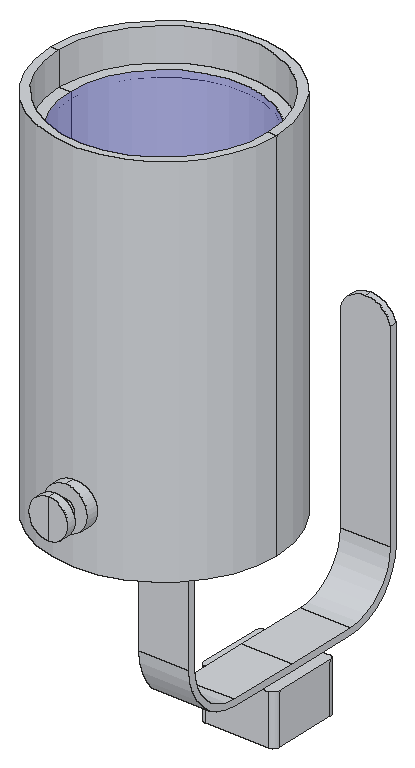
Revit family "Alcon-13340_SM_Revit FAMILY_", category Generic Models, host Face, Revit 2025
Family settings
  Host = Face
  Can host rebar = No
  Round Connector Dimension = Use Diameter
  Part Type = Normal
  Cut with Voids When Loaded = No
  Maintain Annotation Orientation = No
  Shared = No
  Room Calculation Point = No
Parameters
  URL = "https://www.alconlighting.com/?srsltid=AfmBOooDPhGQ0dEP-X2PMtxFfvvWpIAEL4jCll_O2F4_to5onvhnBomy"
  Product Page URL = "https://www.alconlighting.com/13340-sm.html"
  Model = "13340"
  Manufacturer = "ALCON Lighter"
  Fixture Rotation = 90.00°
  Default Elevation = 4' - 0"
Reference planes (in)
  plane 1 "Center (Front/Back)": y = 0
  plane 2: z = 0
  plane 3 "Center (Left/Right)": x = 0
  plane 4: z = 2.96166
Forms (in)
  Extrusion 1, solid
    sketch origin (0.03835, 0, 2.21166) x (0, -1, 0) y (0, 0, -1)
      loop
        line (0, 1.64916) -> (0.72361, 1.64916)
        arc (0.72361, 1.64916) -> (1.07716, 1.50272) -> (1.22361, 1.14916) r 0.5
        line (1.22361, 1.14916) -> (1.22361, -1.04381) -> (1.28611, -1.04381) -> (1.28611, 1.14824)
        arc (1.28611, 1.14824) -> (1.12109, 1.54664) -> (0.72269, 1.71166) r 0.56342
        line (0.72269, 1.71166) -> (0, 1.71166) -> (-0.72219, 1.71166)
        arc (-0.72219, 1.71166) -> (-1.12059, 1.54664) -> (-1.28561, 1.14824) r 0.56342
        line (-1.28561, 1.14824) -> (-1.28561, -1.04381) -> (-1.22311, -1.04381) -> (-1.22311, 1.14916)
        arc (-1.22311, 1.14916) -> (-1.07666, 1.50272) -> (-0.72311, 1.64916) r 0.5
        line (-0.72311, 1.64916) -> (0, 1.64916)
    from -0.28835 to 0.21165
  Extrusion 2, solid
    sketch origin (0, 0, 0.5) x (0, 1, 0) y (1, 0, 0)
      loop
        arc (-0.375, -0.3125) -> (-0.35669, -0.35669) -> (-0.3125, -0.375) r 0.0625
        line (-0.3125, -0.375) -> (0.3125, -0.375)
        arc (0.3125, -0.375) -> (0.35669, -0.35669) -> (0.375, -0.3125) r 0.0625
        line (0.375, -0.3125) -> (0.375, 0.3125)
        arc (0.375, 0.3125) -> (0.35669, 0.35669) -> (0.3125, 0.375) r 0.0625
        line (0.3125, 0.375) -> (-0.3125, 0.375)
        arc (-0.3125, 0.375) -> (-0.35669, 0.35669) -> (-0.375, 0.3125) r 0.0625
        line (-0.375, 0.3125) -> (-0.375, -0.3125)
    from 0 to 0.5
  Extrusion 3, void
    sketch origin (0, 0, 0) x (1, 0, 0) y (0, 0, 1)
      loop
        line (-0.32875, 3.3125) -> (-0.32875, 0.32939) -> (-0.26003, 0.32939) -> (-0.26003, 2.96166)
        arc (-0.26003, 2.96166) -> (-0.18387, 3.14553) -> (0, 3.22169) r 0.26003
        arc (0, 3.22169) -> (0.18387, 3.14553) -> (0.26003, 2.96166) r 0.26003
        line (0.26003, 2.96166) -> (0.26003, 0.32939) -> (0.35969, 0.32939) -> (0.35969, 3.3125) -> (-0.32875, 3.3125)
    from -6.21513 to 12
Cuts and joins
  Extrusion 3 cuts Extrusion 1
Dimensions and locks (in)
  "Fixture Rotation": angle nested 1 to plane 4
  aligned and locked: plane 2 to host face
  aligned and locked: level to host face
Automatic sketch dimensions
  host sketch curve to host sketch curve = 8' - 0"  (x2)
  Extrusion 1 sketch curve to plane 1 "Center (Front/Back)" = 0' - 0"  (x2)
  Extrusion 1 sketch curve to plane 1 "Center (Front/Back)" = 0' - 0.72219"
  Extrusion 1 sketch curve to Extrusion 1 sketch curve = 0' - 0.00092"  (x3)
  Extrusion 1 sketch curve to Extrusion 1 sketch curve = 0' - 0 1/2"
  Extrusion 1 sketch curve to Extrusion 1 sketch curve = 0' - 0 1/16"  (x2)
  plane 1 "Center (Front/Back)" to Extrusion 1 sketch curve = 0' - 0.72269"
  Extrusion 1 sketch curve to plane 4 = 0' - 0.29381"  (x2)
  plane 1 "Center (Front/Back)" to Extrusion 1 sketch curve = 0' - 1.22361"
  level to Extrusion 1 sketch curve = 0' - 1.06342"
  plane 1 "Center (Front/Back)" to Extrusion 2 sketch curve = 0' - 0 3/8"
  Extrusion 2 sketch curve to Extrusion 2 sketch curve = 0' - 0 1/16"  (x3)
  Extrusion 2 sketch curve to plane 1 "Center (Front/Back)" = 0' - 0 5/16"  (x2)
  plane 3 "Center (Left/Right)" to Extrusion 2 sketch curve = 0' - 0 3/8"
  Extrusion 2 sketch curve to plane 3 "Center (Left/Right)" = 0' - 0 5/16"
  Extrusion 3 sketch curve to Extrusion 3 sketch curve = 0' - 0"  (x2)
  Extrusion 3 sketch curve to plane 4 = 0' - 0"
  Extrusion 3 sketch curve to plane 3 "Center (Left/Right)" = 0' - 0"
  Extrusion 3 sketch curve to plane 3 "Center (Left/Right)" = 0' - 0.26003"
  Extrusion 3 sketch curve to plane 3 "Center (Left/Right)" = 0' - 0.32875"
  plane 3 "Center (Left/Right)" to Extrusion 3 sketch curve = 0' - 0.35969"
  level to Extrusion 3 sketch curve = 0' - 0.32939"  (x2)
  Extrusion 3 sketch curve to Extrusion 3 sketch curve = 0' - 0.09081"
Nested families (in)
  nested 1: "Alcon-13340_CYLINDER_" at (0, -1.28611, 2.96166) x (0, 0, -1) z (0, -1, 0), type "Alcon-13340_CYLINDER_"
    with built-in parameter 1001306 0.24681 (stored number, unit not read)
Definition of nested family "Alcon-13340_CYLINDER_"
  Parameters (values of type "Alcon-13340_CYLINDER_")
    Wattage = 9.2903 W
    built-in parameter 1150110 = 1 (stored number, unit not read)
    built-in parameter 1114217 = 1 (stored number, unit not read)
    Tilt Angle = 60.00°
    built-in parameter 1150109 = 1 (stored number, unit not read)
    built-in parameter 1150134 = 3
    built-in parameter 1150113 = 1 (stored number, unit not read)
    built-in parameter 1010507 = 1.5708 (stored number, unit not read)
    built-in parameter 1010506 = 0.5236 (stored number, unit not read)
    built-in parameter 1150105 = 4614.1 (stored number, unit not read)
    Lumens = 1380 lm
    built-in parameter 1150115 = 1 (stored number, unit not read)
    Light Source Symbol Length = 10' - 0"
    built-in parameter 1150137 = (empty or 0)
    built-in parameter 1150139 = (empty or 0)
    built-in parameter 1001306 [instance] = 4' - 0"
    built-in parameter 1150112 = 1 (stored number, unit not read)
    built-in parameter 1150114 = 1 (stored number, unit not read)
    built-in parameter 1150132 = (empty or 0)
    built-in parameter 1150102 = (empty or 0)
    built-in parameter 1150107 = 3200 (stored number, unit not read)
    built-in parameter 1150138 = (empty or 0)
    built-in parameter 1150106 = 46.141 (stored number, unit not read)
    Glass Lens = none
    built-in parameter 1150104 = 13.8 (stored number, unit not read)
    Dimming Lamp Color Temperature Shift = (empty or 0)
    Default Elevation = 0' - 0"
    Color Filter = 16777215
    built-in parameter 1114218 = 1 (stored number, unit not read)
    built-in parameter 1150133 = 10 (stored number, unit not read)
  Reference planes (in)
    plane 1 "Center (Front/Back)": y = 0
    plane 2: z = 0
    plane 3 "Left": x = 0
    plane 4 "Right": x = 48
  Forms (in)
    Revolve 1, solid
      sketch origin (0.56598, 0, 0) x (0, 1, 0) y (-1, 0, 0)
        loop
          line (1.125, 0) -> (1.125, 3.75) -> (1.045, 3.75) -> (1.045, 3.41797) -> (0.93246, 3.41797) -> (0.93246, 0.19913) -> (0, 0.19913) -> (0, 0) -> (1.125, 0)
        axis (0, 0) -> (0, 3.75)
      angle from 0 to 360
    Extrusion 2, solid, material <- "Glass Lens"
      sketch origin (-2.84148, 1.17, 0) x (0, -1, 0) y (0, 0, -1)
        loop
          circle (1.17, 0) r 0.93246
      from -0.01051 to 0.05307
    Extrusion 3, solid
      sketch origin (0, 0, 0) x (1, 0, 0) y (0, 1, 0)
        loop
          circle (0, 0) r 0.21706
      from -1.22415 to 1.22361
    Revolve 4, solid
      sketch origin (0, 0, 0) x (1, 0, 0) y (0, 0, 1)
        loop
          line (-0.08431, 1.22361) -> (0, 1.22361) -> (0, 1.43841) -> (-0.194, 1.43841) -> (-0.194, 1.35666) -> (-0.08431, 1.35666) -> (-0.08431, 1.22361)
        axis (0, 1.43841) -> (0, 1.22361)
      angle from 0 to 360
    Revolve 5, solid
      sketch origin (0, 0, 0) x (1, 0, 0) y (0, 0, 1)
        loop
          line (-0.08431, -1.22361) -> (-0.08431, -1.34434) -> (-0.16093, -1.34434) -> (-0.16093, -1.41379) -> (0, -1.41379) -> (0, -1.22361) -> (-0.08431, -1.22361)
        axis (0, -1.41379) -> (0, -1.22361)
      angle from 0 to 360
  Lines and regions (in)
    reference lines
      curve 1: line (0, 0, 0) -> (48, 0, 0)
    model lines
      curve 2: line (0, 0, 0) -> (-6.37585, 0, 0)
  Dimensions and locks (in)
    "built-in parameter 1001306": plane 3 "Left" to plane 4 "Right"
    aligned and locked: plane 4 "Right" to curve 1
    aligned and locked: plane 1 "Center (Front/Back)" to curve 1
    aligned and locked: plane 3 "Left" to curve 1
    aligned and locked: level to plane 2
  Automatic sketch dimensions
    curve 2 to level = 0' - 0"
    curve 2 to plane 3 "Left" = 0' - 0"
    curve 2 to plane 3 "Left" = 0' - 6.37585"
    plane 1 "Center (Front/Back)" to Extrusion 3 sketch curve = 0' - 0"
    Extrusion 3 sketch curve to plane 3 "Left" = 0' - 0"
    Revolve 5 sketch curve to plane 3 "Left" = 0' - 0"  (x2)
    Revolve 5 sketch curve to plane 3 "Left" = 0' - 0.08431"
    Revolve 5 sketch curve to Revolve 5 sketch curve = 0' - 0.07662"
    Revolve 5 sketch curve to level = 0' - 1.41379"
    Revolve 5 sketch curve to Revolve 5 sketch curve = 0' - 0.06945"
    Revolve 5 sketch curve to Revolve 5 sketch curve = 0' - 0.12073"
    Revolve 5 sketch curve to Revolve 5 sketch curve = 0' - 0.05713"
    Revolve 5 sketch curve to Revolve 5 sketch curve = 0' - 0"
    Revolve 4 sketch curve to plane 3 "Left" = 0' - 0"  (x2)
    Revolve 4 sketch curve to Revolve 4 sketch curve = 0' - 0.08431"
    Revolve 4 sketch curve to Revolve 4 sketch curve = 0' - 0.10969"
    level to Revolve 4 sketch curve = 0' - 1.22361"
    Revolve 4 sketch curve to Revolve 4 sketch curve = 0' - 0.13305"
    Revolve 4 sketch curve to Revolve 4 sketch curve = 0' - 0.08175"  (x2)
    Revolve 4 sketch curve to Revolve 4 sketch curve = 0' - 0"
    plane 1 "Center (Front/Back)" to Revolve 1 sketch curve = 0' - 0"  (x2)
    Revolve 1 sketch curve to plane 1 "Center (Front/Back)" = 0' - 0.93246"
    Revolve 1 sketch curve to Revolve 1 sketch curve = 0' - 0.11254"
    Revolve 1 sketch curve to Revolve 1 sketch curve = 0' - 0.08"
    Revolve 1 sketch curve to Revolve 1 sketch curve = 0' - 0.19913"  (x2)
    Revolve 1 sketch curve to plane 3 "Left" = 0' - 2.85199"
    Revolve 1 sketch curve to Revolve 1 sketch curve = 0' - 0 85/256"
    Revolve 1 sketch curve to Revolve 1 sketch curve = 0' - 0.84845"
    plane 3 "Left" to Revolve 1 sketch curve = 0' - 0.36685"
    Extrusion 2 sketch curve to Extrusion 2 sketch curve = 0' - 0"  (x2)
    Extrusion 2 sketch curve to level = 0' - 0"
    Extrusion 2 sketch curve to plane 1 "Center (Front/Back)" = 0' - 0"
    Extrusion 2 sketch curve to Extrusion 2 sketch curve = 0' - 0.93246"
    radius of Extrusion 3 sketch curve = 0' - 0.21706"
